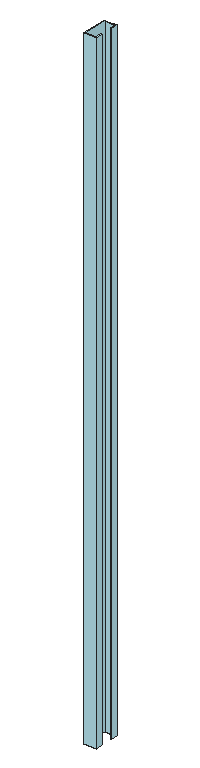
Revit family "40補強材×1.6", category 機械設備, Revit 2020
Family settings
  丸型コネクタ寸法 = 直径を使用
  種別 = なし
  パーツ タイプ = 標準
  作業面ベース = いいえ
  常に垂直 = はい
  ロード時にボイドで切り取り = いいえ
  共有 = いいえ
  部屋計算ポイント = いいえ
Parameters
  製造元 = "株式会社桐井製作所"
  既定の高さ = 0 mm
  URL = "https://www.kirii.co.jp/"
  K_長さ(mm) [instance] = 1000 mm
  K_材質 = "SGCC一般用・SGC340~570高強度一般用・SGH340~570高強度一般用"
  K_外形寸法(mm) = "40×20×10×1.6"
  K_品名 = "40補強材×1.6"
  K_名称 = "補強材"
  K_バージョン情報 = "20210524"
  K_めっき付着量 = "Z08"
  K_JIS規格 = "JIS G 3302"
Reference planes
  plane 1 "中心(正面/背面)": y = 0
  plane 2: z = 0
  plane 3 "中心(左/右)": x = 0
  plane 4: z = 1000
  plane 5: y = 40
Forms (mm)
  Extrusion 1, solid
    sketch origin (0, 0, 0) x (1, 0, 0) y (0, 1, 0)
      loop
        line (0, 0) -> (20, 0) -> (20, 10) -> (18.4, 10) -> (18.4, 1.6) -> (1.6, 1.6) -> (1.6, 38.4) -> (18.4, 38.4) -> (18.4, 30) -> (20, 30) -> (20, 40) -> (0, 40) -> (0, 0)
    from 0 to 1000
Dimensions and locks
  "K_長さ(mm)": plane 4 to plane 2
  aligned and locked: level to plane 2
  aligned and locked: plane 4 to Extrusion 1
Automatic sketch dimensions
  Extrusion 1 sketch curve to plane 3 "中心(左/右)" = 0 mm
  plane 1 "中心(正面/背面)" to Extrusion 1 sketch curve = 0 mm
  Extrusion 1 sketch curve to plane 5 = 0 mm
  plane 3 "中心(左/右)" to Extrusion 1 sketch curve = 1.6 mm
  Extrusion 1 sketch curve to plane 1 "中心(正面/背面)" = 10 mm
  Extrusion 1 sketch curve to Extrusion 1 sketch curve = 16.8 mm  (x2)
  Extrusion 1 sketch curve to plane 5 = 1.6 mm
  Extrusion 1 sketch curve to Extrusion 1 sketch curve = 1.6 mm  (x2)
  Extrusion 1 sketch curve to plane 1 "中心(正面/背面)" = 1.6 mm
  Extrusion 1 sketch curve to Extrusion 1 sketch curve = 8.4 mm
